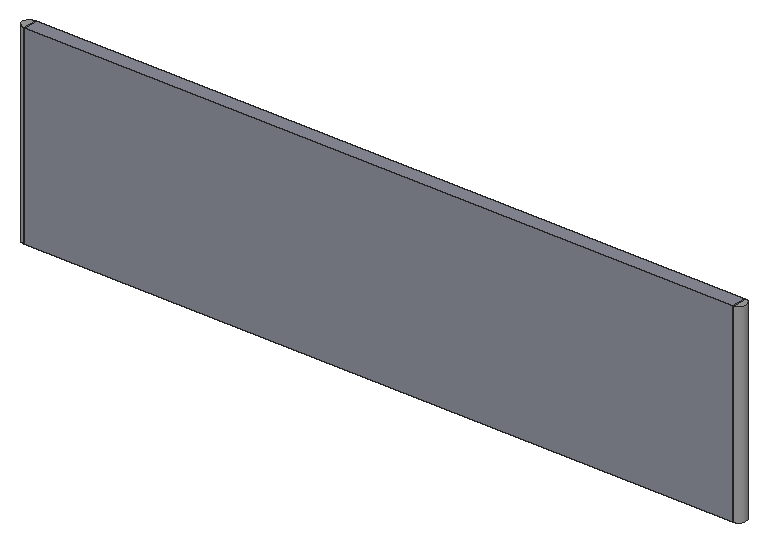
Revit family
Parameters
  material = Textile - Slate Blue
  frame = Laminate - Grey
Reference planes
  plane 1 "Center (Front/Back)": y = 0
  plane 2: z = 0
  plane 3 "Center (Left/Right)": x = 0
Forms (mm)
  Extrusion 1, solid, material "Laminate - Grey" <- "frame"
    sketch origin (0, 0, 0) x (1, 0, 0) y (0, 1, 0)
      loop
        arc (-687.497, 78.489) -> (-705.997, 59.989) -> (-687.497, 41.489) r 18.5
        line (-687.497, 41.489) -> (-687.497, 78.489)
    from 0 to 480
  Extrusion 2, solid, material "Laminate - Grey" <- "frame"
    sketch origin (1762, 0, 0) x (1, 0, 0) y (0, 1, 0)
      loop
        line (-687.497, 78.489) -> (-687.497, 41.489)
        arc (-687.497, 41.489) -> (-668.997, 59.989) -> (-687.497, 78.489) r 18.5
    from 0 to 480
  Extrusion 3, solid, material "Textile - Slate Blue" <- "material"
    sketch origin (0, 0, 0) x (1, 0, 0) y (0, 1, 0)
      loop
        line (-687.497, 78.489) -> (-687.497, 41.489) -> (1074.503, 41.489) -> (1074.503, 78.489) -> (-687.497, 78.489)
    from 0 to 480
